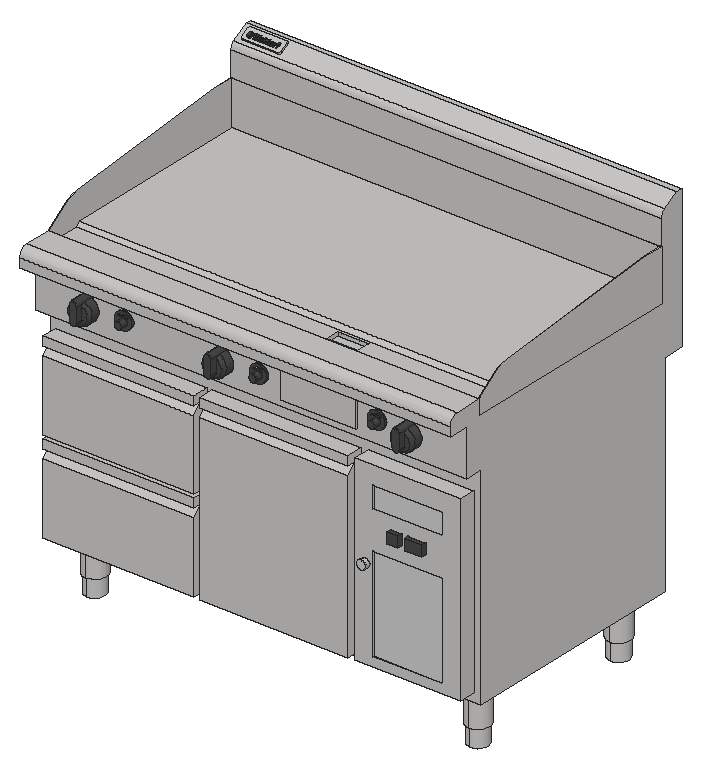
Revit family "QF_MOFFAT WALDORF_GP8120G-RB", category Specialty Equipment, Revit 2012 (continued)
Definition of nested family "WALDORF LOGO_FACE BASE"
  Forms (in)
    Extrusion 2, solid, material "QF_Finishes_Stainless Steel", visible <- "Show Logo"
      sketch origin (0, -1.30776, 0) x (1, 0, 0) y (0, 1, 0)
        loop
          arc (4.29134, 1.14724) -> (4.23368, 1.28644) -> (4.09449, 1.34409) r 0.19685
          line (4.09449, 1.34409) -> (0.19685, 1.34409)
      from 0 to 0.0625
    Extrusion 3, solid, material "QF_Finishes_Black", visible <- "Show Logo"
      sketch origin (0, -1.30776, 0.0625) x (1, 0, 0) y (0, 1, 0)
        loop
          line (0.97529, 0.91394) -> (1.10205, 0.40555) -> (1.24216, 0.40555) -> (1.31667, 0.68363) -> (1.38601, 0.40555) -> (1.54851, 0.40555) -> (1.65657, 0.91394) -> (1.50992, 0.91394) -> (1.44394, 0.60355) -> (1.37797, 0.91394) -> (1.25007, 0.91394) -> (1.18409, 0.60355) -> (1.11812, 0.91394) -> (0.97529, 0.91394)
        loop
          line (1.66424, 0.67145) -> (1.79935, 0.67145)
          spline (1.79935, 0.67145) -> (1.80084, 0.68049) -> (1.8052, 0.68892) -> (1.81214, 0.69616) -> (1.82119, 0.70171) -> (1.83172, 0.7052) -> (1.84303, 0.70639) -> (1.85433, 0.7052) -> (1.86487, 0.70171) -> (1.87391, 0.69616) -> (1.88085, 0.68892) -> (1.88522, 0.68049) -> (1.8867, 0.67145)
          line (1.8867, 0.67145) -> (1.8867, 0.63866)
          arc (1.8867, 0.63866) -> (1.80086, 0.63047) -> (1.71911, 0.60304) r 0.3781
          arc (1.71911, 0.60304) -> (1.65056, 0.50429) -> (1.71911, 0.40555) r 0.1054
          arc (1.71911, 0.40555) -> (1.79242, 0.4076) -> (1.86346, 0.42583) r 0.32932
          line (1.86346, 0.42583) -> (1.8934, 0.4372) -> (1.8934, 0.40555) -> (2.04004, 0.40555) -> (2.04004, 0.67145)
          spline (2.04004, 0.67145) -> (2.03364, 0.70162) -> (2.01487, 0.72973) -> (1.98501, 0.75387) -> (1.94609, 0.77239) -> (1.90077, 0.78403) -> (1.85214, 0.788) -> (1.80351, 0.78403) -> (1.75819, 0.77239) -> (1.71928, 0.75387) -> (1.68942, 0.72973) -> (1.67064, 0.70162) -> (1.66424, 0.67145)
        loop
          line (2.09256, 0.91394) -> (2.09256, 0.40555) -> (2.25865, 0.40555) -> (2.25865, 0.91394) -> (2.09256, 0.91394)
        loop
          line (2.55408, 0.91394) -> (2.55408, 0.7424)
          arc (2.55408, 0.7424) -> (2.28672, 0.59489) -> (2.55408, 0.44737) r 0.17438
          line (2.55408, 0.44737) -> (2.55408, 0.40555) -> (2.69204, 0.40555) -> (2.69204, 0.91394) -> (2.55408, 0.91394)
        loop
          arc (2.55408, 0.6332) -> (2.41772, 0.59004) -> (2.55408, 0.54689) r 0.07501
          line (2.55408, 0.54689) -> (2.55408, 0.6332)
        loop
          circle (2.93792, 0.59932) r 0.19685
        loop
          spline (2.93792, 0.70298) -> (2.92737, 0.69944) -> (2.91754, 0.68909) -> (2.90909, 0.67262) -> (2.90261, 0.65115) -> (2.89854, 0.62615) -> (2.89715, 0.59932) -> (2.89854, 0.57249) -> (2.90261, 0.54749) -> (2.90909, 0.52602) -> (2.91754, 0.50954) -> (2.92737, 0.49919) -> (2.93792, 0.49566)
          spline (2.93792, 0.49566) -> (2.94847, 0.49919) -> (2.9583, 0.50954) -> (2.96674, 0.52602) -> (2.97322, 0.54749) -> (2.97729, 0.57249) -> (2.97868, 0.59932) -> (2.97729, 0.62615) -> (2.97322, 0.65115) -> (2.96674, 0.67262) -> (2.9583, 0.68909) -> (2.94847, 0.69944) -> (2.93792, 0.70298)
        loop
          line (3.19903, 0.78003) -> (3.19903, 0.40555) -> (3.33994, 0.40555) -> (3.33994, 0.55809)
          arc (3.33994, 0.55809) -> (3.38007, 0.63357) -> (3.46509, 0.64251) r 0.09104
          line (3.46509, 0.64251) -> (3.46509, 0.78003) -> (3.43153, 0.78003)
          arc (3.43153, 0.78003) -> (3.36715, 0.75849) -> (3.3287, 0.70254) r 0.10698
          line (3.3287, 0.70254) -> (3.3287, 0.78003) -> (3.19903, 0.78003)
        loop
          line (3.55311, 0.78003) -> (3.50041, 0.78003) -> (3.50041, 0.69348) -> (3.55311, 0.69348) -> (3.55311, 0.40555) -> (3.7007, 0.40555) -> (3.7007, 0.69348) -> (3.7566, 0.69348) -> (3.7566, 0.78003) -> (3.7007, 0.78003)
          arc (3.7007, 0.78003) -> (3.71707, 0.81956) -> (3.7566, 0.83593) r 0.05591
          line (3.7566, 0.83593) -> (3.7566, 0.92922) -> (3.67389, 0.92922)
          arc (3.67389, 0.92922) -> (3.59618, 0.9017) -> (3.55311, 0.8314) r 0.12349
          line (3.55311, 0.8314) -> (3.55311, 0.78003)
        loop
          arc (0.60004, 0.92798) -> (0.3304, 0.65058) -> (0.60004, 0.37318) r 0.27751
          line (0.60004, 0.37318) -> (0.60004, 0.92798)
        loop
          line (0.61579, 0.92798) -> (0.61579, 0.37318)
          arc (0.61579, 0.37318) -> (0.88543, 0.65058) -> (0.61579, 0.92798) r 0.27751
        loop
          arc (1.8867, 0.57916) -> (1.8215, 0.54129) -> (1.8867, 0.50342) r 0.0436
          line (1.8867, 0.50342) -> (1.8867, 0.57916)
      from 0 to 0.00787
  Dimensions and locks (in)
    aligned and locked: plane 2 to Extrusion 1
    aligned and locked: level to Extrusion 1
Definition of nested family "GP8120G-RB-CASTERS"
  Parameters (values of type "BT8600-LS-CASTERS")
    Weight = ""
    URL Manufacturer = ""
    URL Cutsheet = ""
    URL = ""
    Type Mark [instance] = ""
    Status [instance] = ""
    Specification by User [instance] = ""
    Specification by Manufacturer = ""
    Show Casters [instance] = no
    Serial Number = ""
    Seismic Rating = ""
    SMACNA No = ""
    Revision Code [instance] = ""
    Omniclass Number and Title = ""
    NAFEM Spec ID Number = ""
    Model = ""
    MasterSpec. = ""
    Manufacturer = ""
    Item Number [instance] = ""
    Installed By [instance] = ""
    Identify Quantity as Lot [instance] = yes
    Furnished By [instance] = ""
    Foodservice Equipment Identifier [instance] = yes
    Description = ""
    CSI MasterFormat = ""
    CSI Master Format = ""
    Assembly Code = ""
  Reference planes (in)
    plane 1: z = 0
    plane 2 "RIGHT": x = 0
    plane 3 "FRONT": y = 0
    plane 4 "Base Height": z = 5.90551
  Forms (in)
    Revolve 1, solid, material "QF_Finishes_Stainless Steel", visible <- "Show Casters"
      sketch origin (0, 2.21793, 0) x (0, 1, 0) y (0, 0, 1)
        loop
          line (-2.21793, 6) -> (-2.21793, 5.55584) -> (-0.93693, 5.55584) -> (-0.93693, 6) -> (-2.21793, 6)
        axis (-2.21793, 5.55584) -> (-2.21793, 6)
      angle from 0 to 360
    Extrusion 2, solid, material "QF_Finishes_Stainless Steel", visible <- "Show Casters"
      sketch origin (-1.81294, 2.21793, 0) x (0, 1, 0) y (0, 0, 1)
        loop
          line (-3.37793, 5.55584) -> (-3.37793, 5.25584) -> (-3.23369, 5.25584)
          arc (-3.23369, 5.25584) -> (-3.1238, 5.20977) -> (-3.03725, 5.12786) r 0.33195
          line (-3.03725, 5.12786) -> (-1.55521, 1.94961)
          arc (-1.55521, 1.94961) -> (-0.54268, 1.81523) -> (-0.22336, 2.78544) r 0.8
          arc (-0.22336, 2.78544) -> (-0.27816, 2.89808) -> (-0.34988, 3.00079) r 0.8
          arc (-0.34988, 3.00079) -> (-0.37005, 3.3613) -> (-0.26088, 3.70547) r 1
          line (-0.26088, 3.70547) -> (0.31507, 4.78867)
          arc (0.31507, 4.78867) -> (-0.09241, 4.97284) -> (-0.5252, 5.08531) r 2.63
          line (-0.5252, 5.08531) -> (-0.54193, 5.25584) -> (-1.05793, 5.25584) -> (-1.05793, 5.55584) -> (-3.37793, 5.55584)
      from 0.78968 to 0.90247
    Extrusion 3, solid, material "QF_Finishes_Stainless Steel", visible <- "Show Casters"
      sketch origin (0.13094, 2.21793, 0) x (0, 1, 0) y (0, 0, 1)
        loop
          line (-3.37793, 5.55584) -> (-3.37793, 5.25584) -> (-3.23369, 5.25584)
          arc (-3.23369, 5.25584) -> (-3.1238, 5.20977) -> (-3.03725, 5.12786) r 0.33195
          line (-3.03725, 5.12786) -> (-1.55521, 1.94961)
          arc (-1.55521, 1.94961) -> (-0.54268, 1.81523) -> (-0.22336, 2.78544) r 0.8
          arc (-0.22336, 2.78544) -> (-0.27816, 2.89808) -> (-0.34988, 3.00079) r 0.8
          arc (-0.34988, 3.00079) -> (-0.37005, 3.3613) -> (-0.26088, 3.70547) r 1
          line (-0.26088, 3.70547) -> (0.31507, 4.78867)
          arc (0.31507, 4.78867) -> (-0.09241, 4.97284) -> (-0.5252, 5.08531) r 2.63
          line (-0.5252, 5.08531) -> (-0.54193, 5.25584) -> (-1.05793, 5.25584) -> (-1.05793, 5.55584) -> (-3.37793, 5.55584)
      from 0.78968 to 0.90247
    Extrusion 4, solid, material "QF_Finishes_Stainless Steel", visible <- "Show Casters"
      sketch origin (-1.93794, 2.21793, 0) x (0, 1, 0) y (0, 0, 1)
        loop
          line (-3.37793, 5.55584) -> (-3.37793, 5.25584) -> (-3.23369, 5.25584) -> (-0.7432, 5.03796) -> (0.2811, 4.72479) -> (0.31507, 4.78867)
          arc (0.31507, 4.78867) -> (-0.09241, 4.97284) -> (-0.5252, 5.08531) r 2.63
          line (-0.5252, 5.08531) -> (-0.54193, 5.25584) -> (-1.05793, 5.25584) -> (-1.05793, 5.55584) -> (-3.37793, 5.55584)
      from 1.02747 to 2.85669
    Revolve 5, solid, material "QF_Finishes_Stainless Steel", visible <- "Show Casters"
      sketch origin (-1.93794, 1.21343, 0) x (1, 0, 0) y (0, 0, 1)
        loop
          line (0.5843, 2.5041) -> (3.2907, 2.5041) -> (3.2907, 2.6421) -> (3.2407, 2.6921) -> (3.1807, 2.6921) -> (3.1807, 2.8278) -> (2.7025, 2.8278) -> (2.7025, 3.22009) -> (2.5625, 3.30092) -> (2.42847, 4.1291) -> (2.59375, 4.1291) -> (2.59375, 4.3791) -> (2.5625, 4.3791) -> (2.5625, 4.6291)
          arc (2.5625, 4.6291) -> (2.45267, 4.89426) -> (2.1875, 5.0041) r 0.375
          line (2.1875, 5.0041) -> (1.6875, 5.0041)
          arc (1.6875, 5.0041) -> (1.42233, 4.89426) -> (1.3125, 4.6291) r 0.375
          line (1.3125, 4.6291) -> (1.3125, 4.3791) -> (1.28125, 4.3791) -> (1.28125, 4.1291) -> (1.44653, 4.1291) -> (1.31307, 3.30443) -> (1.1725, 3.22327) -> (1.1725, 2.8278) -> (0.6943, 2.8278) -> (0.6943, 2.6921) -> (0.6343, 2.6921) -> (0.5843, 2.6421) -> (0.5843, 2.5041)
        axis (0.5843, 2.5041) -> (3.2907, 2.5041)
      angle from 0 to 360
  Cuts and joins
    joined: Extrusion 2, Extrusion 3, Extrusion 4
  Lines and regions (in)
    symbolic lines, style "SpecialityEquipmentHiddenLines", visible <- "Show Casters"
      curve 1: line (0.70901, 2.6399, 0) -> (1.79507, 2.01286, 0)
      curve 2: line (-1.79099, -1.69023, 0) -> (0.70901, 2.6399, 0)
      curve 3: line (-0.70493, -2.31727, 0) -> (-1.79099, -1.69023, 0)
      curve 4: line (1.79507, 2.01286, 0) -> (-0.70493, -2.31727, 0)
  Dimensions and locks (in)
    plane 4 "Base Height" to level = 5.90551"  (x2)
    Revolve 5 sketch curve to Revolve 5 sketch curve = 2 1/2"
    aligned and locked: level to plane 1
